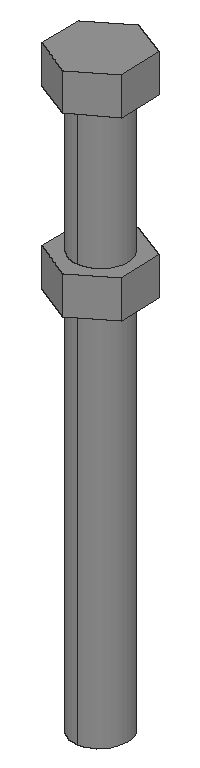
Revit family "060523 - W_P_C - Fastenings - Generic", category Structural Connections, Revit 2020
Family settings
  Material for Model Behavior = Other
  Work Plane-Based = Yes
  Enable cutting in views = Yes
  Always vertical = No
  Cut with Voids When Loaded = No
  Shared = No
Parameters (values of type "Thru-Bolt - .3750 - 3/8")
  Washer_Thickness = Head Height / 3  # 0.08933"
  Washer Radius = Radius + Head Height  # 0.46136"
  Washer Offset - Head = if(Washer_Head_Visibility, Washer_Thickness, 0.000")  # 0.000"
  Washer Offset = if(Washer_Nut_Visibility, Washer_Thickness, 0.000")  # 0.000"
  Washer Material = none
  Washer_Nut_Visibility = no
  Washer_Head_Visibility = no
  Thickness_of_Substrate [instance] = 1.000"
  Side = Head Size * 0.57812  # 0.3252"
  Round_Head_Visibility = no
  Radius = Diameter / 2  # 0.19336"
  Point Visibility = no
  Nut_Visibility = yes
  Length [instance] = 4.000"
  Hex_Head_Visiblilty = yes
  Head Size = 0.5625"
  Head Radius = Head Size / 2  # 0.28125"
  Head Height = 0.268"
  Double Diameter = Diameter * 2  # 0.77344"
  Diameter = 0.38672"
  Default Elevation = 48.000"
  Bolt Material (Size) = AT SILL - FASTENER AT 24" O.C.
Types (52): name | Washer_Thickness | Washer Radius | Washer Offset - Head | Washer Offset | Washer_Nut_Visibility | Washer_Head_Visibility | Side | Round_Head_Visibility | Radius | Point Visibility | Nut_Visibility | Length | Hex_Head_Visiblilty | Head Size | Head Radius | Head Height | Double Diameter | Diameter | Bolt Material (Size)
  Lag - .1900 - #10 | 0.04688" | 0.24023" | 0.000" | 0.000" | no | no | 0.1626" | no | 0.09961" | yes | no | 4.000" | yes | 0.28125" | 0.14063" | 0.14063" | 0.39844" | 0.19922" | AT SILL - FASTENER AT 24" O.C.
  Lag - .2500 - 1/4 | 0.0625" | 0.3175" | 0.000" | 0.000" | no | no | 0.25293" | no | 0.130" | yes | no | 4.000" | yes | 0.4375" | 0.21875" | 0.1875" | 0.520" | 0.260" | AT SILL - FASTENER AT 24" O.C.
  Lag - .3125 - 5/16 | 0.07813" | 0.39638" | 0.000" | 0.000" | no | no | 0.28906" | no | 0.162" | yes | no | 4.000" | yes | 0.500" | 0.250" | 0.23438" | 0.648" | 0.324" | AT SILL - FASTENER AT 24" O.C.
  Lag - .3750 - 3/8 | 0.08933" | 0.46136" | 0.000" | 0.000" | no | no | 0.3252" | no | 0.19336" | yes | no | 4.000" | yes | 0.5625" | 0.28125" | 0.268" | 0.77344" | 0.38672" | AT SILL - FASTENER AT 24" O.C.
  Lag - .4375 - 7/16 | 0.10547" | 0.54297" | 0.000" | 0.000" | no | no | 0.36133" | no | 0.22656" | yes | no | 4.000" | yes | 0.625" | 0.3125" | 0.31641" | 0.90625" | 0.45313" | AT SILL - FASTENER AT 24" O.C.
  Lag - .5000 - 1/2 | 0.12109" | 0.62109" | 0.000" | 0.000" | no | no | 0.43359" | no | 0.25781" | yes | no | 4.000" | yes | 0.750" | 0.375" | 0.36328" | 1.03125" | 0.51563" | AT SILL - FASTENER AT 24" O.C.
  Lag - .6250 - 5/8 | 0.14844" | 0.76563" | 0.000" | 0.000" | no | no | 0.54199" | no | 0.32031" | yes | no | 4.000" | yes | 0.9375" | 0.46875" | 0.44531" | 1.28125" | 0.64062" | AT SILL - FASTENER AT 24" O.C.
  Lag - .7500 - 3/4 | 0.17448" | 0.9082" | 0.000" | 0.000" | no | no | 0.65039" | no | 0.38477" | yes | no | 4.000" | yes | 1.125" | 0.5625" | 0.52344" | 1.53906" | 0.76953" | AT SILL - FASTENER AT 24" O.C.
  Lag - .8750 - 7/8 | 0.20182" | 1.05273" | 0.000" | 0.000" | no | no | 0.75879" | no | 0.44727" | yes | no | 4.000" | yes | 1.3125" | 0.65625" | 0.60547" | 1.78906" | 0.89453" | AT SILL - FASTENER AT 24" O.C.
  Thru-Bolt - .1900 - #10 | 0.04688" | 0.24023" | 0.000" | 0.000" | no | no | 0.1626" | no | 0.09961" | no | yes | 4.000" | yes | 0.28125" | 0.14063" | 0.14063" | 0.39844" | 0.19922" | AT SILL - FASTENER AT 24" O.C.
  Thru-Bolt - .2500 - 1/4 | 0.0625" | 0.3175" | 0.000" | 0.000" | no | no | 0.25293" | no | 0.130" | no | yes | 4.000" | yes | 0.4375" | 0.21875" | 0.1875" | 0.520" | 0.260" | AT SILL - FASTENER AT 24" O.C.
  Thru-Bolt - .3125 - 5/16 | 0.07813" | 0.39638" | 0.000" | 0.000" | no | no | 0.28906" | no | 0.162" | no | yes | 4.000" | yes | 0.500" | 0.250" | 0.23438" | 0.648" | 0.324" | AT SILL - FASTENER AT 24" O.C.
  Thru-Bolt - .3750 - 3/8 | 0.08933" | 0.46136" | 0.000" | 0.000" | no | no | 0.3252" | no | 0.19336" | no | yes | 4.000" | yes | 0.5625" | 0.28125" | 0.268" | 0.77344" | 0.38672" | AT SILL - FASTENER AT 24" O.C.
  Thru-Bolt - .4375 - 7/16 | 0.10547" | 0.54297" | 0.000" | 0.000" | no | no | 0.36133" | no | 0.22656" | no | yes | 4.000" | yes | 0.625" | 0.3125" | 0.31641" | 0.90625" | 0.45313" | AT SILL - FASTENER AT 24" O.C.
  Thru-Bolt - .5000 - 1/2 | 0.12109" | 0.62109" | 0.000" | 0.000" | no | no | 0.43359" | no | 0.25781" | no | yes | 4.000" | yes | 0.750" | 0.375" | 0.36328" | 1.03125" | 0.51563" | AT SILL - FASTENER AT 24" O.C.
  Thru-Bolt - .6250 - 5/8 | 0.14844" | 0.76563" | 0.000" | 0.000" | no | no | 0.54199" | no | 0.32031" | no | yes | 4.000" | yes | 0.9375" | 0.46875" | 0.44531" | 1.28125" | 0.64062" | AT SILL - FASTENER AT 24" O.C.
  Thru-Bolt - .7500 - 3/4 | 0.17448" | 0.9082" | 0.000" | 0.000" | no | no | 0.65039" | no | 0.38477" | no | yes | 4.000" | yes | 1.125" | 0.5625" | 0.52344" | 1.53906" | 0.76953" | AT SILL - FASTENER AT 24" O.C.
  Thru-Bolt - .8750 - 7/8 | 0.20182" | 1.05273" | 0.000" | 0.000" | no | no | 0.75879" | no | 0.44727" | no | yes | 4.000" | yes | 1.3125" | 0.65625" | 0.60547" | 1.78906" | 0.89453" | AT SILL - FASTENER AT 24" O.C.
  Screw - .103 - #3 | 0.00333" | 0.0615" | 0.000" | 0.000" | no | no | 0.57812" | yes | 0.0515" | yes | no | 4.000" | no | 1.000" | 0.500" | 0.010" | 0.206" | 0.103" | AT SILL - FASTENER AT 24" O.C.
  Screw - .116 - #4 | 0.00333" | 0.068" | 0.000" | 0.000" | no | no | 0.57812" | yes | 0.058" | yes | no | 4.000" | no | 1.000" | 0.500" | 0.010" | 0.232" | 0.116" | AT SILL - FASTENER AT 24" O.C.
  Screw - .129 - #5 | 0.00333" | 0.0745" | 0.000" | 0.000" | no | no | 0.57812" | yes | 0.0645" | yes | no | 4.000" | no | 1.000" | 0.500" | 0.010" | 0.258" | 0.129" | AT SILL - FASTENER AT 24" O.C.
  Screw - .142 - #6 | 0.00333" | 0.081" | 0.000" | 0.000" | no | no | 0.57812" | yes | 0.071" | yes | no | 4.000" | no | 1.000" | 0.500" | 0.010" | 0.284" | 0.142" | AT SILL - FASTENER AT 24" O.C.
  Screw - .155 - #7 | 0.00333" | 0.0875" | 0.000" | 0.000" | no | no | 0.57812" | yes | 0.0775" | yes | no | 4.000" | no | 1.000" | 0.500" | 0.010" | 0.310" | 0.155" | AT SILL - FASTENER AT 24" O.C.
  Screw - .168 - #8 | 0.00333" | 0.094" | 0.000" | 0.000" | no | no | 0.57812" | yes | 0.084" | yes | no | 4.000" | no | 1.000" | 0.500" | 0.010" | 0.336" | 0.168" | AT SILL - FASTENER AT 24" O.C.
  Screw - .181 - #9 | 0.00333" | 0.1005" | 0.000" | 0.000" | no | no | 0.57812" | yes | 0.0905" | yes | no | 4.000" | no | 1.000" | 0.500" | 0.010" | 0.362" | 0.181" | AT SILL - FASTENER AT 24" O.C.
  Screw - .194 - #10 | 0.00333" | 0.107" | 0.000" | 0.000" | no | no | 0.57812" | yes | 0.097" | yes | no | 4.000" | no | 1.000" | 0.500" | 0.010" | 0.388" | 0.194" | AT SILL - FASTENER AT 24" O.C.
  Screw - .220 - #12 | 0.00333" | 0.120" | 0.000" | 0.000" | no | no | 0.57812" | yes | 0.110" | yes | no | 4.000" | no | 1.000" | 0.500" | 0.010" | 0.440" | 0.220" | AT SILL - FASTENER AT 24" O.C.
  Screw - .246 - #14 | 0.00333" | 0.133" | 0.000" | 0.000" | no | no | 0.57812" | yes | 0.123" | yes | no | 4.000" | no | 1.000" | 0.500" | 0.010" | 0.492" | 0.246" | AT SILL - FASTENER AT 24" O.C.
  Screw - .272 - #16 | 0.00333" | 0.146" | 0.000" | 0.000" | no | no | 0.57812" | yes | 0.136" | yes | no | 4.000" | no | 1.000" | 0.500" | 0.010" | 0.544" | 0.272" | AT SILL - FASTENER AT 24" O.C.
  Nail - 02d - 15ga - 1" | 0.00333" | 0.046" | 0.000" | 0.000" | no | no | 0.57812" | yes | 0.036" | yes | no | 1.000" | no | 1.000" | 0.500" | 0.010" | 0.144" | 0.072" | AT SILL - FASTENER AT 24" O.C.
  Nail - 03d - 14ga - 1.25" | 0.00333" | 0.0515" | 0.000" | 0.000" | no | no | 0.57812" | yes | 0.0415" | yes | no | 1.250" | no | 1.000" | 0.500" | 0.010" | 0.166" | 0.083" | AT SILL - FASTENER AT 24" O.C.
  Nail - 04d - 12ga- 1.5" | 0.00333" | 0.0645" | 0.000" | 0.000" | no | no | 0.57812" | yes | 0.0545" | yes | no | 1.500" | no | 1.000" | 0.500" | 0.010" | 0.218" | 0.109" | AT SILL - FASTENER AT 24" O.C.
  Nail - 05d - 12ga - 1.75" | 0.00333" | 0.0645" | 0.000" | 0.000" | no | no | 0.57812" | yes | 0.0545" | yes | no | 1.750" | no | 1.000" | 0.500" | 0.010" | 0.218" | 0.109" | AT SILL - FASTENER AT 24" O.C.
  Nail - 06d - 11ga - 2" | 0.00333" | 0.070" | 0.000" | 0.000" | no | no | 0.57812" | yes | 0.060" | yes | no | 2.000" | no | 1.000" | 0.500" | 0.010" | 0.240" | 0.120" | AT SILL - FASTENER AT 24" O.C.
  Nail - 08d - 10ga - 2.5" | 0.00333" | 0.077" | 0.000" | 0.000" | no | no | 0.57812" | yes | 0.067" | yes | no | 2.500" | no | 1.000" | 0.500" | 0.010" | 0.268" | 0.134" | AT SILL - FASTENER AT 24" O.C.
  Nail - 10d - 9ga - 3" | 0.00333" | 0.084" | 0.000" | 0.000" | no | no | 0.57812" | yes | 0.074" | yes | no | 3.000" | no | 1.000" | 0.500" | 0.010" | 0.296" | 0.148" | AT SILL - FASTENER AT 24" O.C.
  Nail - 12d - 9ga - 3.25" | 0.00333" | 0.084" | 0.000" | 0.000" | no | no | 0.57812" | yes | 0.074" | yes | no | 3.250" | no | 1.000" | 0.500" | 0.010" | 0.296" | 0.148" | AT SILL - FASTENER AT 24" O.C.
  Nail - 16d - 8ga - 3.5" | 0.00333" | 0.0925" | 0.000" | 0.000" | no | no | 0.57812" | yes | 0.0825" | yes | no | 3.500" | no | 1.000" | 0.500" | 0.010" | 0.330" | 0.165" | AT SILL - FASTENER AT 24" O.C.
  Nail - 20d - 6ga - 4" | 0.00333" | 0.1115" | 0.000" | 0.000" | no | no | 0.57812" | yes | 0.1015" | yes | no | 4.000" | no | 1.000" | 0.500" | 0.010" | 0.406" | 0.203" | AT SILL - FASTENER AT 24" O.C.
  Nail - 30d - 5ga - 4.5" | 0.00333" | 0.120" | 0.000" | 0.000" | no | no | 0.57812" | yes | 0.110" | yes | no | 4.500" | no | 1.000" | 0.500" | 0.010" | 0.440" | 0.220" | AT SILL - FASTENER AT 24" O.C.
  Nail - 40d - 4ga - 5" | 0.00333" | 0.129" | 0.000" | 0.000" | no | no | 0.57812" | yes | 0.119" | yes | no | 5.000" | no | 1.000" | 0.500" | 0.010" | 0.476" | 0.238" | AT SILL - FASTENER AT 24" O.C.
  Nail - 60d - 4ga - 6" | 0.00333" | 0.129" | 0.000" | 0.000" | no | no | 0.57812" | yes | 0.119" | yes | no | 6.000" | no | 1.000" | 0.500" | 0.010" | 0.476" | 0.238" | AT SILL - FASTENER AT 24" O.C.
  _METAL STUD - HEAD - GENERIC | 0.05729" | 0.23438" | 0.000" | 0.000" | no | no | 0.25293" | yes | 0.0625" | yes | no | 2.000" | no | 0.4375" | 0.21875" | 0.17188" | 0.250" | 0.125" | AT HEAD FASTENER AT 24" O.C.
  _METAL STUD - DRYWALL - GENERIC | 0.05729" | 0.23438" | 0.000" | 0.000" | no | no | 0.25293" | yes | 0.0625" | yes | no | 2.000" | no | 0.4375" | 0.21875" | 0.17188" | 0.250" | 0.125" | ATTACH GYPSUM BOARD TO STUDS AND NOT TO TOP TRACK
  _WOOD STUD - DRYWALL - GENERIC | 0.05729" | 0.23438" | 0.000" | 0.000" | no | no | 0.25293" | yes | 0.0625" | yes | no | 2.000" | no | 0.4375" | 0.21875" | 0.17188" | 0.250" | 0.125" | DRYWALL SCREW
  _METAL STUD - SILL - GENERIC | 0.05729" | 0.23438" | 0.000" | 0.000" | no | no | 0.25293" | yes | 0.0625" | yes | no | 2.000" | no | 0.4375" | 0.21875" | 0.17188" | 0.250" | 0.125" | AT SILL - FASTENER AT 24" O.C.
  _Genric Fastener | 0.05729" | 0.23438" | 0.000" | 0.000" | no | no | 0.25293" | yes | 0.0625" | yes | no | 2.000" | no | 0.4375" | 0.21875" | 0.17188" | 0.250" | 0.125" | AT SILL - FASTENER AT 24" O.C.
  _WOOD STUD - SILL - GENERIC | 0.05729" | 0.26562" | 0.000" | 0.000" | no | no | 0.25293" | yes | 0.09375" | yes | no | 2.000" | no | 0.4375" | 0.21875" | 0.17188" | 0.375" | 0.1875" | AT SILL - FASTENER AT 24" O.C.
  _GROUND LUG | 0.22396" | 0.92188" | 0.000" | 0.000" | no | no | 0.57812" | no | 0.250" | no | no | 2.000" | yes | 1.000" | 0.500" | 0.67188" | 1.000" | 0.500" | GROUND WIRE BOLTED TO POLE'S GROUND LUG
  _3/4" x 4" | 0.16667" | 0.875" | 0.000" | 0.000" | no | no | 0.65039" | no | 0.375" | no | yes | 3.000" | yes | 1.125" | 0.5625" | 0.500" | 1.500" | 0.750" | EXPOSED LAG BOLTS - SEE STRUCT.
  _1/2" x 3" | 0.14062" | 0.67188" | 0.000" | 0.000" | no | no | 0.43359" | no | 0.250" | no | yes | 3.000" | yes | 0.750" | 0.375" | 0.42188" | 1.000" | 0.500" | 1/2" DIA. A325 BOLT AT EACH PURLIN
  _1" Light Pole Anchor Bolt | 0.22396" | 1.17188" | 0.22396" | 0.22396" | yes | yes | 0.86719" | yes | 0.500" | no | yes | 48.000" | yes | 1.500" | 0.750" | 0.67188" | 2.000" | 1.000" | 5/8" GALV. ANCHOR BOLT @ 24" O.C. (6" MIN. EMBEDMENT)
Reference planes (in)
  plane 1 "Center (Front/Back)": y = 0
  plane 2: z = 0
  plane 3 "Center (Left/Right)": x = 0
  plane 4: z = 0.268
  plane 5 "end": z = -4
  plane 6: y = 0
  plane 7: x = 0
  plane 8: z = -1
  plane 9: z = 0
  plane 10: z = -1
  plane 11: z = 0
  plane 12: through (0, 0, 48) normal (0.866, 0.5, 0)
  plane 13: through (0, 0, 48) normal (0.866, -0.5, 0)
  plane 14: through (0, 0, 48) normal (0.5, -0.866, 0)
  plane 15: through (0, 0, 48) normal (-0.5, -0.866, 0)
  plane 16 "top of rounded head": z = 0.19336
Forms (in)
  Extrusion 1, solid, material "AT SILL - FASTENER AT 24" O.C." <- "Bolt Material (Size)"
    sketch origin (0, 8.71147, 0) x (0, 1, 0) y (-1, 0, 0)
      loop
        circle (-8.71147, 0) r 0.19336
    from -4 to 0
Lines and regions (in)
  model lines, style "InvisibleLines"
    curve 1: line (0, -0.64952, 0.268) -> (0, 0.64952, 0.268)
    curve 2: line (0.28125, 0, 0.268) -> (-0.28125, 0, 0.268)
  symbolic lines, style "InvisibleLines"
    curve 3: line (0, 0, 0.268) -> (0, 0, -4)
    curve 4: line (0, 0, 0.268) -> (0, 0, -4)
Dimensions and locks (in)
  "Head Height": plane 4 to plane 9
  "Length": plane 11 to plane 5 "end"
  "Thickness_of_Substrate": plane 2 to plane 8
  "Washer Offset": plane 8 to plane 10
  "Washer Offset - Head": plane 9 to plane 2
  "Radius": plane 16 "top of rounded head" to plane 9
  "Radius": radius of Extrusion 1 sketch curve
  aligned and locked: plane 2 to level
  aligned and locked: Extrusion 1 to plane 5 "end"
  aligned and locked: plane 7 to curve 1
  aligned and locked: plane 6 to curve 2
  aligned and locked: plane 6 to curve 4
  aligned and locked: plane 11 to level
  aligned and locked: nested 5 to nested 3
Automatic sketch dimensions
  curve 3 to plane 3 "Center (Left/Right)" = 0.000"
  curve 3 to plane 5 "end" = 0.000"
  curve 3 to plane 4 = 0.000"
  curve 4 to plane 5 "end" = 0.000"
  curve 4 to plane 4 = 0.000"
  curve 1 to curve 2 = 0.64952"
  curve 2 to curve 1 = 0.64952"
  curve 2 to nested 1 = 0.000"  (x2)
  plane 1 "Center (Front/Back)" to Extrusion 1 sketch curve = 0.000"
  Extrusion 1 sketch curve to plane 3 "Center (Left/Right)" = 0.000"
Nested families (in)
  nested 1: "Nut" at (0, 0, 0), Diameter <- "Diameter", Head Height <- "Head Height", Head Size <- "Head Size", visible <- "Hex_Head_Visiblilty", type "one"
    with Side 0.3252", Radius 0.19336", Head Size 0.5625", Head Radius 0.28125", Head Height 0.268", Diameter 0.38672"
  nested 2: "Nut" at (0, 0, -1) x (1, 0, 0) z (0, 0, -1), Diameter <- "Diameter", Head Height <- "Head Height", Head Size <- "Head Size", visible <- "Nut_Visibility", type "one"
    with Side 0.3252", Radius 0.19336", Head Size 0.5625", Head Radius 0.28125", Head Height 0.268", Diameter 0.38672"
  nested 3: "Washer" at (0, 0, -1) x (0, -1, 0) z (0, 0, -1), visible <- "Washer_Nut_Visibility", type "one"
    with Washer_Thickness 0.08933", Washer Radius 0.46136"
  nested 4: "Washer" at (0, 0, 0) x (0, -1, 0) z (0, 0, 1), visible <- "Washer_Head_Visibility", type "one"
    with Washer_Thickness 0.08933", Washer Radius 0.46136"
  nested 5: "Bolt Head" at (0, 0, 0) x (0, -1, 0) z (0, 0, 1), Diameter <- "Diameter", Head Size <- "Double Diameter", visible <- "Round_Head_Visibility", type "one"
    with Side 0.44714", Radius 0.19336", Head Size 0.77344", Head Radius 0.38672", Head Height 0.750", Half Radius 0.19336", Diameter 0.38672"
  nested 6: "Point" at (0, 0, -4) x (0, 1, 0) z (0, 0, -1), Diameter <- "Diameter", Head Size <- "Diameter", visible <- "Point Visibility", type "one"
    with Side 0.22357", Radius 0.19336", Point Height 0.38672", Head Size 0.38672", Head Radius 0.19336", Head Height 0.750", Diameter 0.38672"
Definition of nested family "Nut"
  Parameters (values of type "one")
    Side [instance] = Head Size * 0.57812  # 0.43359"
    Radius [instance] = Diameter / 2  # 0.250"
    Head Size [instance] = 0.750"
    Head Radius [instance] = Head Size / 2  # 0.375"
    Head Height [instance] = 0.34375"
    Diameter [instance] = 0.500"
    Default Elevation = 48.000"
    Bolt Material (Size) = none
  Reference planes (in)
    plane 1 "Center (Front/Back)": y = 0
    plane 2: z = 0
    plane 3 "Center (Left/Right)": x = 0
    plane 4: z = 0.34375
    plane 5: y = 0
    plane 6: x = 0
  Forms (in)
    Extrusion 1, solid, material <- "Bolt Material (Size)"
      sketch origin (0, 0, 0) x (1, 0, 0) y (0, 1, 0)
        loop
          line (0, 0.43301) -> (-0.375, 0.21651) -> (-0.375, -0.21651) -> (0, -0.43301) -> (0.375, -0.21651) -> (0.375, 0.21651) -> (0, 0.43301)
      from 0 to 0.34375
  Lines and regions (in)
    symbolic lines
      curve 1: line (0, 0, 0.34375) -> (0, 0, -3)
  Dimensions and locks (in)
    "Head Height": plane 4 to level
    "Head Radius": Extrusion 1 sketch curve to plane 3 "Center (Left/Right)"
    "Head Radius": Extrusion 1 sketch curve to plane 6
    "Head Radius": Extrusion 1 sketch curve to plane 5  (x2)
    locked: Extrusion 1 sketch curve to Extrusion 1 sketch curve (angle 120.00°)  (x5)
    aligned and locked: level to plane 2
    aligned and locked: Extrusion 1 to plane 4
    aligned and locked: plane 5 to curve 1
  Automatic sketch dimensions
    curve 1 to plane 4 = 0.000"
    curve 1 to level = 3.000"
    Extrusion 1 sketch curve to plane 3 "Center (Left/Right)" = 0.000"  (x2)
Definition of nested family "Washer"
  Parameters (values of type "one")
    Washer_Thickness = 0.125"
    Washer Radius = 0.29688"
    Default Elevation = 48.000"
    Washer Material = none
  Reference planes (in)
    plane 1 "Center (Front/Back)": y = 0
    plane 2: z = 0
    plane 3 "Center (Left/Right)": x = 0
    plane 4: z = 0.125
    plane 5: y = 0
    plane 6: x = 0
  Forms (in)
    Extrusion 1, solid, material <- "Washer Material"
      sketch origin (0, 0, 0) x (1, 0, 0) y (0, 1, 0)
        loop
          circle (0, 0) r 0.29688
      from 0 to 0.125
  Lines and regions (in)
    symbolic lines
      curve 1: line (0, 0, 0.125) -> (0, 0, -3)
  Dimensions and locks (in)
    "Washer_Thickness": plane 2 to plane 4
    "Washer Radius": radius of Extrusion 1 sketch curve
    aligned and locked: level to plane 2
    aligned and locked: Extrusion 1 to plane 4
    aligned and locked: plane 5 to curve 1
  Automatic sketch dimensions
    curve 1 to plane 4 = 0.000"
    curve 1 to level = 3.000"
    plane 1 "Center (Front/Back)" to Extrusion 1 sketch curve = 0.000"
    Extrusion 1 sketch curve to plane 3 "Center (Left/Right)" = 0.000"
Definition of nested family "Bolt Head"
  Parameters (values of type "one")
    Side [instance] = Head Size * 0.57812  # 0.9128"
    Radius [instance] = Diameter / 2  # 0.250"
    Head Size [instance] = 1.5789"
    Head Radius [instance] = Head Size / 2  # 0.78945"
    Head Height [instance] = 0.750"
    Half Radius [instance] = Head Radius / 2  # 0.39472"
    Diameter [instance] = 0.500"
    Default Elevation = 48.000"
    Bolt Material (Size) = none
  Reference planes (in)
    plane 1 "Center (Front/Back)": y = 0
    plane 2: z = 0
    plane 3 "Center (Left/Right)": x = 0
    plane 4: y = 0
    plane 5: x = 0
    plane 6: x = 0.78945
    plane 7: z = 0.39472
  Forms (in)
    Revolve 1, solid, material <- "Bolt Material (Size)"
      sketch origin (0, 0, 0) x (1, 0, 0) y (0, 0, 1)
        loop
          line (0, 0.39472) -> (0, 0) -> (0.78945, 0)
          arc (0.78945, 0) -> (0.4761, 0.28968) -> (0.0625, 0.39472) r 0.86676
          line (0.0625, 0.39472) -> (0, 0.39472)
        axis (0, 0) -> (0, 0.39472)
      angle from 0 to 360
  Lines and regions (in)
    symbolic lines
      curve 1: line (0, 0, 0.75) -> (0, 0, -3)
  Dimensions and locks (in)
    "Head Radius": plane 6 to plane 5
    locked: Revolve 1 sketch curve to plane 5 at 0.0625
    "Half Radius": plane 2 to plane 7
    aligned and locked: level to plane 2
    aligned and locked: plane 4 to curve 1
    aligned and locked: plane 7 to Revolve 1 sketch curve
  Automatic sketch dimensions
    curve 1 to level = 3.000"
    plane 7 to curve 1 = 0.35528"
    Revolve 1 sketch curve to plane 3 "Center (Left/Right)" = 0.000"  (x2)
    Revolve 1 sketch curve to level = 0.000"
    plane 6 to Revolve 1 sketch curve = 0.000"
    level to Revolve 1 sketch curve = 0.05843"
    plane 7 to Revolve 1 sketch curve = 0.51153"
Definition of nested family "Point"
  Parameters (values of type "one")
    Side [instance] = Head Size * 0.57812  # 0.9128"
    Radius [instance] = Diameter / 2  # 0.250"
    Head Size [instance] = 1.5789"
    Head Radius [instance] = Head Size / 2  # 0.78945"
    Head Height [instance] = 0.750"
    Point Height [instance] = Head Radius * 2  # 1.5789"
    Diameter [instance] = 0.500"
    Default Elevation = 48.000"
    Point Material (Size) = none
  Reference planes (in)
    plane 1 "Center (Front/Back)": y = 0
    plane 2: z = 0
    plane 3 "Center (Left/Right)": x = 0
    plane 4: y = 0
    plane 5: x = 0
    plane 6: x = 0.78945
    plane 7: z = 1.5789
  Forms (in)
    Revolve 1, solid, material <- "Point Material (Size)"
      sketch origin (0, 0, 0) x (1, 0, 0) y (0, 0, 1)
        loop
          line (0, 1.5789) -> (0, 0) -> (0.78945, 0) -> (0, 1.5789)
        axis (0, 0) -> (0, 1.5789)
      angle from 0 to 360
  Lines and regions (in)
    symbolic lines
      curve 1: line (0, 0, 1.93417) -> (0, 0, -3)
  Dimensions and locks (in)
    "Head Radius": plane 6 to plane 5
    "Point Height": plane 2 to plane 7
    aligned and locked: level to plane 2
    aligned and locked: plane 4 to curve 1
  Automatic sketch dimensions
    curve 1 to level = 3.000"
    plane 7 to curve 1 = 0.35528"
    Revolve 1 sketch curve to plane 3 "Center (Left/Right)" = 0.000"  (x2)
    Revolve 1 sketch curve to level = 0.000"
    plane 6 to Revolve 1 sketch curve = 0.000"
    level to Revolve 1 sketch curve = 0.05843"
    plane 7 to Revolve 1 sketch curve = 0.51153"
    Revolve 1 sketch curve to plane 7 = 0.000"
